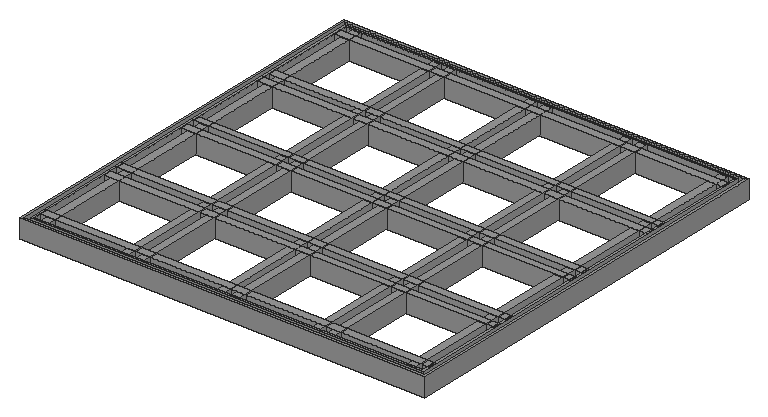
Revit family "CLD-WFD-004_RFA", category Modelos genéricos, Revit 2022 (continued)
Forms (in)
  Extrusion 209, solid, not visible
    sketch origin (0, 48, 0) x (0, 1, 0) y (0, 0, 1)
      loop
        line (0.42221, 1.66259) -> (0.42231, 0.67354)
        arc (0.42231, 0.67354) -> (0.41009, 0.64403) -> (0.38057, 0.6318) r 0.04174
        line (0.38057, 0.6318) -> (-0.00639, 0.6318) -> (-0.00639, 0.59057) -> (0.8874, 0.59057) -> (0.8874, 0.6318) -> (0.49998, 0.6318)
        arc (0.49998, 0.6318) -> (0.47046, 0.64403) -> (0.45824, 0.67354) r 0.04174
        line (0.45824, 0.67354) -> (0.45834, 1.66259)
        arc (0.45834, 1.66259) -> (0.46543, 1.67969) -> (0.48252, 1.68677) r 0.02418
        line (0.48252, 1.68677) -> (0.52252, 1.68677)
        arc (0.52252, 1.68677) -> (0.55303, 1.69941) -> (0.56566, 1.72991) r 0.04314
        line (0.56566, 1.72991) -> (0.56566, 2.14095)
        arc (0.56566, 2.14095) -> (0.5626, 2.15637) -> (0.55386, 2.16944) r 0.04029
        line (0.55386, 2.16944) -> (0.47053, 2.25277)
        arc (0.47053, 2.25277) -> (0.44027, 2.2653) -> (0.41002, 2.25277) r 0.04279
        line (0.41002, 2.25277) -> (0.32669, 2.16944)
        arc (0.32669, 2.16944) -> (0.31795, 2.15637) -> (0.31489, 2.14095) r 0.04029
        line (0.31489, 2.14095) -> (0.31489, 1.72991)
        arc (0.31489, 1.72991) -> (0.32752, 1.69941) -> (0.35803, 1.68677) r 0.04314
        line (0.35803, 1.68677) -> (0.39803, 1.68677)
        arc (0.39803, 1.68677) -> (0.41512, 1.67969) -> (0.42221, 1.66259) r 0.02418
      loop
        arc (0.33294, 1.7291) -> (0.34005, 1.71194) -> (0.35722, 1.70483) r 0.02428
        line (0.35722, 1.70483) -> (0.39815, 1.70483)
        arc (0.39815, 1.70483) -> (0.42797, 1.69248) -> (0.44023, 1.66266) r 0.04217
        arc (0.44023, 1.66266) -> (0.45258, 1.69248) -> (0.4824, 1.70483) r 0.04217
        line (0.4824, 1.70483) -> (0.52333, 1.70483)
        arc (0.52333, 1.70483) -> (0.54049, 1.71194) -> (0.54761, 1.7291) r 0.02428
        line (0.54761, 1.7291) -> (0.54761, 2.15016) -> (0.45704, 2.24072)
        arc (0.45704, 2.24072) -> (0.44027, 2.24767) -> (0.42351, 2.24072) r 0.02371
        line (0.42351, 2.24072) -> (0.33294, 2.15016) -> (0.33294, 1.7291)
    from 0 to 96.9361
  Extrusion 210, solid, not visible
    sketch origin (0, 72, 0) x (0, 1, 0) y (0, 0, 1)
      loop
        line (0.42221, 1.66259) -> (0.42231, 0.67354)
        arc (0.42231, 0.67354) -> (0.41009, 0.64403) -> (0.38057, 0.6318) r 0.04174
        line (0.38057, 0.6318) -> (-0.00639, 0.6318) -> (-0.00639, 0.59057) -> (0.8874, 0.59057) -> (0.8874, 0.6318) -> (0.49998, 0.6318)
        arc (0.49998, 0.6318) -> (0.47046, 0.64403) -> (0.45824, 0.67354) r 0.04174
        line (0.45824, 0.67354) -> (0.45834, 1.66259)
        arc (0.45834, 1.66259) -> (0.46543, 1.67969) -> (0.48252, 1.68677) r 0.02418
        line (0.48252, 1.68677) -> (0.52252, 1.68677)
        arc (0.52252, 1.68677) -> (0.55303, 1.69941) -> (0.56566, 1.72991) r 0.04314
        line (0.56566, 1.72991) -> (0.56566, 2.14095)
        arc (0.56566, 2.14095) -> (0.5626, 2.15637) -> (0.55386, 2.16944) r 0.04029
        line (0.55386, 2.16944) -> (0.47053, 2.25277)
        arc (0.47053, 2.25277) -> (0.44027, 2.2653) -> (0.41002, 2.25277) r 0.04279
        line (0.41002, 2.25277) -> (0.32669, 2.16944)
        arc (0.32669, 2.16944) -> (0.31795, 2.15637) -> (0.31489, 2.14095) r 0.04029
        line (0.31489, 2.14095) -> (0.31489, 1.72991)
        arc (0.31489, 1.72991) -> (0.32752, 1.69941) -> (0.35803, 1.68677) r 0.04314
        line (0.35803, 1.68677) -> (0.39803, 1.68677)
        arc (0.39803, 1.68677) -> (0.41512, 1.67969) -> (0.42221, 1.66259) r 0.02418
      loop
        arc (0.33294, 1.7291) -> (0.34005, 1.71194) -> (0.35722, 1.70483) r 0.02428
        line (0.35722, 1.70483) -> (0.39815, 1.70483)
        arc (0.39815, 1.70483) -> (0.42797, 1.69248) -> (0.44023, 1.66266) r 0.04217
        arc (0.44023, 1.66266) -> (0.45258, 1.69248) -> (0.4824, 1.70483) r 0.04217
        line (0.4824, 1.70483) -> (0.52333, 1.70483)
        arc (0.52333, 1.70483) -> (0.54049, 1.71194) -> (0.54761, 1.7291) r 0.02428
        line (0.54761, 1.7291) -> (0.54761, 2.15016) -> (0.45704, 2.24072)
        arc (0.45704, 2.24072) -> (0.44027, 2.24767) -> (0.42351, 2.24072) r 0.02371
        line (0.42351, 2.24072) -> (0.33294, 2.15016) -> (0.33294, 1.7291)
    from 0 to 96.9361
  Extrusion 211, solid, not visible
    sketch origin (0, 96, 0) x (0, 1, 0) y (0, 0, 1)
      loop
        line (0.42221, 1.66259) -> (0.42231, 0.67354)
        arc (0.42231, 0.67354) -> (0.41009, 0.64403) -> (0.38057, 0.6318) r 0.04174
        line (0.38057, 0.6318) -> (-0.00639, 0.6318) -> (-0.00639, 0.59057) -> (0.8874, 0.59057) -> (0.8874, 0.6318) -> (0.49998, 0.6318)
        arc (0.49998, 0.6318) -> (0.47046, 0.64403) -> (0.45824, 0.67354) r 0.04174
        line (0.45824, 0.67354) -> (0.45834, 1.66259)
        arc (0.45834, 1.66259) -> (0.46543, 1.67969) -> (0.48252, 1.68677) r 0.02418
        line (0.48252, 1.68677) -> (0.52252, 1.68677)
        arc (0.52252, 1.68677) -> (0.55303, 1.69941) -> (0.56566, 1.72991) r 0.04314
        line (0.56566, 1.72991) -> (0.56566, 2.14095)
        arc (0.56566, 2.14095) -> (0.5626, 2.15637) -> (0.55386, 2.16944) r 0.04029
        line (0.55386, 2.16944) -> (0.47053, 2.25277)
        arc (0.47053, 2.25277) -> (0.44027, 2.2653) -> (0.41002, 2.25277) r 0.04279
        line (0.41002, 2.25277) -> (0.32669, 2.16944)
        arc (0.32669, 2.16944) -> (0.31795, 2.15637) -> (0.31489, 2.14095) r 0.04029
        line (0.31489, 2.14095) -> (0.31489, 1.72991)
        arc (0.31489, 1.72991) -> (0.32752, 1.69941) -> (0.35803, 1.68677) r 0.04314
        line (0.35803, 1.68677) -> (0.39803, 1.68677)
        arc (0.39803, 1.68677) -> (0.41512, 1.67969) -> (0.42221, 1.66259) r 0.02418
      loop
        arc (0.33294, 1.7291) -> (0.34005, 1.71194) -> (0.35722, 1.70483) r 0.02428
        line (0.35722, 1.70483) -> (0.39815, 1.70483)
        arc (0.39815, 1.70483) -> (0.42797, 1.69248) -> (0.44023, 1.66266) r 0.04217
        arc (0.44023, 1.66266) -> (0.45258, 1.69248) -> (0.4824, 1.70483) r 0.04217
        line (0.4824, 1.70483) -> (0.52333, 1.70483)
        arc (0.52333, 1.70483) -> (0.54049, 1.71194) -> (0.54761, 1.7291) r 0.02428
        line (0.54761, 1.7291) -> (0.54761, 2.15016) -> (0.45704, 2.24072)
        arc (0.45704, 2.24072) -> (0.44027, 2.24767) -> (0.42351, 2.24072) r 0.02371
        line (0.42351, 2.24072) -> (0.33294, 2.15016) -> (0.33294, 1.7291)
    from 0 to 96.9361
  Extrusion 212, solid, not visible
    sketch origin (48.02754, 154.90856, 0) x (1, 0, 0) y (0, 0, 1)
      loop
        line (0.42221, 1.66259) -> (0.42231, 0.67354)
        arc (0.42231, 0.67354) -> (0.41009, 0.64403) -> (0.38057, 0.6318) r 0.04174
        line (0.38057, 0.6318) -> (-0.00639, 0.6318) -> (-0.00639, 0.59057) -> (0.8874, 0.59057) -> (0.8874, 0.6318) -> (0.49998, 0.6318)
        arc (0.49998, 0.6318) -> (0.47046, 0.64403) -> (0.45824, 0.67354) r 0.04174
        line (0.45824, 0.67354) -> (0.45834, 1.66259)
        arc (0.45834, 1.66259) -> (0.46543, 1.67969) -> (0.48252, 1.68677) r 0.02418
        line (0.48252, 1.68677) -> (0.52252, 1.68677)
        arc (0.52252, 1.68677) -> (0.55303, 1.69941) -> (0.56566, 1.72991) r 0.04314
        line (0.56566, 1.72991) -> (0.56566, 2.14095)
        arc (0.56566, 2.14095) -> (0.5626, 2.15637) -> (0.55386, 2.16944) r 0.04029
        line (0.55386, 2.16944) -> (0.47053, 2.25277)
        arc (0.47053, 2.25277) -> (0.44027, 2.2653) -> (0.41002, 2.25277) r 0.04279
        line (0.41002, 2.25277) -> (0.32669, 2.16944)
        arc (0.32669, 2.16944) -> (0.31795, 2.15637) -> (0.31489, 2.14095) r 0.04029
        line (0.31489, 2.14095) -> (0.31489, 1.72991)
        arc (0.31489, 1.72991) -> (0.32752, 1.69941) -> (0.35803, 1.68677) r 0.04314
        line (0.35803, 1.68677) -> (0.39803, 1.68677)
        arc (0.39803, 1.68677) -> (0.41512, 1.67969) -> (0.42221, 1.66259) r 0.02418
      loop
        arc (0.33294, 1.7291) -> (0.34005, 1.71194) -> (0.35722, 1.70483) r 0.02428
        line (0.35722, 1.70483) -> (0.39815, 1.70483)
        arc (0.39815, 1.70483) -> (0.42797, 1.69248) -> (0.44023, 1.66266) r 0.04217
        arc (0.44023, 1.66266) -> (0.45258, 1.69248) -> (0.4824, 1.70483) r 0.04217
        line (0.4824, 1.70483) -> (0.52333, 1.70483)
        arc (0.52333, 1.70483) -> (0.54049, 1.71194) -> (0.54761, 1.7291) r 0.02428
        line (0.54761, 1.7291) -> (0.54761, 2.15016) -> (0.45704, 2.24072)
        arc (0.45704, 2.24072) -> (0.44027, 2.24767) -> (0.42351, 2.24072) r 0.02371
        line (0.42351, 2.24072) -> (0.33294, 2.15016) -> (0.33294, 1.7291)
    from 58.93614 to 81.99864
  Extrusion 213, solid, not visible
    sketch origin (72.02767, 154.90856, 0) x (1, 0, 0) y (0, 0, 1)
      loop
        line (0.42221, 1.66259) -> (0.42231, 0.67354)
        arc (0.42231, 0.67354) -> (0.41009, 0.64403) -> (0.38057, 0.6318) r 0.04174
        line (0.38057, 0.6318) -> (-0.00639, 0.6318) -> (-0.00639, 0.59057) -> (0.8874, 0.59057) -> (0.8874, 0.6318) -> (0.49998, 0.6318)
        arc (0.49998, 0.6318) -> (0.47046, 0.64403) -> (0.45824, 0.67354) r 0.04174
        line (0.45824, 0.67354) -> (0.45834, 1.66259)
        arc (0.45834, 1.66259) -> (0.46543, 1.67969) -> (0.48252, 1.68677) r 0.02418
        line (0.48252, 1.68677) -> (0.52252, 1.68677)
        arc (0.52252, 1.68677) -> (0.55303, 1.69941) -> (0.56566, 1.72991) r 0.04314
        line (0.56566, 1.72991) -> (0.56566, 2.14095)
        arc (0.56566, 2.14095) -> (0.5626, 2.15637) -> (0.55386, 2.16944) r 0.04029
        line (0.55386, 2.16944) -> (0.47053, 2.25277)
        arc (0.47053, 2.25277) -> (0.44027, 2.2653) -> (0.41002, 2.25277) r 0.04279
        line (0.41002, 2.25277) -> (0.32669, 2.16944)
        arc (0.32669, 2.16944) -> (0.31795, 2.15637) -> (0.31489, 2.14095) r 0.04029
        line (0.31489, 2.14095) -> (0.31489, 1.72991)
        arc (0.31489, 1.72991) -> (0.32752, 1.69941) -> (0.35803, 1.68677) r 0.04314
        line (0.35803, 1.68677) -> (0.39803, 1.68677)
        arc (0.39803, 1.68677) -> (0.41512, 1.67969) -> (0.42221, 1.66259) r 0.02418
      loop
        arc (0.33294, 1.7291) -> (0.34005, 1.71194) -> (0.35722, 1.70483) r 0.02428
        line (0.35722, 1.70483) -> (0.39815, 1.70483)
        arc (0.39815, 1.70483) -> (0.42797, 1.69248) -> (0.44023, 1.66266) r 0.04217
        arc (0.44023, 1.66266) -> (0.45258, 1.69248) -> (0.4824, 1.70483) r 0.04217
        line (0.4824, 1.70483) -> (0.52333, 1.70483)
        arc (0.52333, 1.70483) -> (0.54049, 1.71194) -> (0.54761, 1.7291) r 0.02428
        line (0.54761, 1.7291) -> (0.54761, 2.15016) -> (0.45704, 2.24072)
        arc (0.45704, 2.24072) -> (0.44027, 2.24767) -> (0.42351, 2.24072) r 0.02371
        line (0.42351, 2.24072) -> (0.33294, 2.15016) -> (0.33294, 1.7291)
    from 58.93614 to 81.99864
  Extrusion 214, solid, not visible
    sketch origin (96.02767, 154.90856, 0) x (1, 0, 0) y (0, 0, 1)
      loop
        line (0.42221, 1.66259) -> (0.42231, 0.67354)
        arc (0.42231, 0.67354) -> (0.41009, 0.64403) -> (0.38057, 0.6318) r 0.04174
        line (0.38057, 0.6318) -> (-0.00639, 0.6318) -> (-0.00639, 0.59057) -> (0.8874, 0.59057) -> (0.8874, 0.6318) -> (0.49998, 0.6318)
        arc (0.49998, 0.6318) -> (0.47046, 0.64403) -> (0.45824, 0.67354) r 0.04174
        line (0.45824, 0.67354) -> (0.45834, 1.66259)
        arc (0.45834, 1.66259) -> (0.46543, 1.67969) -> (0.48252, 1.68677) r 0.02418
        line (0.48252, 1.68677) -> (0.52252, 1.68677)
        arc (0.52252, 1.68677) -> (0.55303, 1.69941) -> (0.56566, 1.72991) r 0.04314
        line (0.56566, 1.72991) -> (0.56566, 2.14095)
        arc (0.56566, 2.14095) -> (0.5626, 2.15637) -> (0.55386, 2.16944) r 0.04029
        line (0.55386, 2.16944) -> (0.47053, 2.25277)
        arc (0.47053, 2.25277) -> (0.44027, 2.2653) -> (0.41002, 2.25277) r 0.04279
        line (0.41002, 2.25277) -> (0.32669, 2.16944)
        arc (0.32669, 2.16944) -> (0.31795, 2.15637) -> (0.31489, 2.14095) r 0.04029
        line (0.31489, 2.14095) -> (0.31489, 1.72991)
        arc (0.31489, 1.72991) -> (0.32752, 1.69941) -> (0.35803, 1.68677) r 0.04314
        line (0.35803, 1.68677) -> (0.39803, 1.68677)
        arc (0.39803, 1.68677) -> (0.41512, 1.67969) -> (0.42221, 1.66259) r 0.02418
      loop
        arc (0.33294, 1.7291) -> (0.34005, 1.71194) -> (0.35722, 1.70483) r 0.02428
        line (0.35722, 1.70483) -> (0.39815, 1.70483)
        arc (0.39815, 1.70483) -> (0.42797, 1.69248) -> (0.44023, 1.66266) r 0.04217
        arc (0.44023, 1.66266) -> (0.45258, 1.69248) -> (0.4824, 1.70483) r 0.04217
        line (0.4824, 1.70483) -> (0.52333, 1.70483)
        arc (0.52333, 1.70483) -> (0.54049, 1.71194) -> (0.54761, 1.7291) r 0.02428
        line (0.54761, 1.7291) -> (0.54761, 2.15016) -> (0.45704, 2.24072)
        arc (0.45704, 2.24072) -> (0.44027, 2.24767) -> (0.42351, 2.24072) r 0.02371
        line (0.42351, 2.24072) -> (0.33294, 2.15016) -> (0.33294, 1.7291)
    from 58.93614 to 81.99864
  Extrusion 215, solid, not visible
    sketch origin (24.02767, 154.90856, 0) x (1, 0, 0) y (0, 0, 1)
      loop
        line (0.42221, 1.66259) -> (0.42231, 0.67354)
        arc (0.42231, 0.67354) -> (0.41009, 0.64403) -> (0.38057, 0.6318) r 0.04174
        line (0.38057, 0.6318) -> (-0.00639, 0.6318) -> (-0.00639, 0.59057) -> (0.8874, 0.59057) -> (0.8874, 0.6318) -> (0.49998, 0.6318)
        arc (0.49998, 0.6318) -> (0.47046, 0.64403) -> (0.45824, 0.67354) r 0.04174
        line (0.45824, 0.67354) -> (0.45834, 1.66259)
        arc (0.45834, 1.66259) -> (0.46543, 1.67969) -> (0.48252, 1.68677) r 0.02418
        line (0.48252, 1.68677) -> (0.52252, 1.68677)
        arc (0.52252, 1.68677) -> (0.55303, 1.69941) -> (0.56566, 1.72991) r 0.04314
        line (0.56566, 1.72991) -> (0.56566, 2.14095)
        arc (0.56566, 2.14095) -> (0.5626, 2.15637) -> (0.55386, 2.16944) r 0.04029
        line (0.55386, 2.16944) -> (0.47053, 2.25277)
        arc (0.47053, 2.25277) -> (0.44027, 2.2653) -> (0.41002, 2.25277) r 0.04279
        line (0.41002, 2.25277) -> (0.32669, 2.16944)
        arc (0.32669, 2.16944) -> (0.31795, 2.15637) -> (0.31489, 2.14095) r 0.04029
        line (0.31489, 2.14095) -> (0.31489, 1.72991)
        arc (0.31489, 1.72991) -> (0.32752, 1.69941) -> (0.35803, 1.68677) r 0.04314
        line (0.35803, 1.68677) -> (0.39803, 1.68677)
        arc (0.39803, 1.68677) -> (0.41512, 1.67969) -> (0.42221, 1.66259) r 0.02418
      loop
        arc (0.33294, 1.7291) -> (0.34005, 1.71194) -> (0.35722, 1.70483) r 0.02428
        line (0.35722, 1.70483) -> (0.39815, 1.70483)
        arc (0.39815, 1.70483) -> (0.42797, 1.69248) -> (0.44023, 1.66266) r 0.04217
        arc (0.44023, 1.66266) -> (0.45258, 1.69248) -> (0.4824, 1.70483) r 0.04217
        line (0.4824, 1.70483) -> (0.52333, 1.70483)
        arc (0.52333, 1.70483) -> (0.54049, 1.71194) -> (0.54761, 1.7291) r 0.02428
        line (0.54761, 1.7291) -> (0.54761, 2.15016) -> (0.45704, 2.24072)
        arc (0.45704, 2.24072) -> (0.44027, 2.24767) -> (0.42351, 2.24072) r 0.02371
        line (0.42351, 2.24072) -> (0.33294, 2.15016) -> (0.33294, 1.7291)
    from 58.93614 to 81.99864
  Extrusion 216, solid, not visible
    sketch origin (0.02767, 154.90856, 0) x (1, 0, 0) y (0, 0, 1)
      loop
        line (0.42221, 1.66259) -> (0.42231, 0.67354)
        arc (0.42231, 0.67354) -> (0.41009, 0.64403) -> (0.38057, 0.6318) r 0.04174
        line (0.38057, 0.6318) -> (-0.00639, 0.6318) -> (-0.00639, 0.59057) -> (0.8874, 0.59057) -> (0.8874, 0.6318) -> (0.49998, 0.6318)
        arc (0.49998, 0.6318) -> (0.47046, 0.64403) -> (0.45824, 0.67354) r 0.04174
        line (0.45824, 0.67354) -> (0.45834, 1.66259)
        arc (0.45834, 1.66259) -> (0.46543, 1.67969) -> (0.48252, 1.68677) r 0.02418
        line (0.48252, 1.68677) -> (0.52252, 1.68677)
        arc (0.52252, 1.68677) -> (0.55303, 1.69941) -> (0.56566, 1.72991) r 0.04314
        line (0.56566, 1.72991) -> (0.56566, 2.14095)
        arc (0.56566, 2.14095) -> (0.5626, 2.15637) -> (0.55386, 2.16944) r 0.04029
        line (0.55386, 2.16944) -> (0.47053, 2.25277)
        arc (0.47053, 2.25277) -> (0.44027, 2.2653) -> (0.41002, 2.25277) r 0.04279
        line (0.41002, 2.25277) -> (0.32669, 2.16944)
        arc (0.32669, 2.16944) -> (0.31795, 2.15637) -> (0.31489, 2.14095) r 0.04029
        line (0.31489, 2.14095) -> (0.31489, 1.72991)
        arc (0.31489, 1.72991) -> (0.32752, 1.69941) -> (0.35803, 1.68677) r 0.04314
        line (0.35803, 1.68677) -> (0.39803, 1.68677)
        arc (0.39803, 1.68677) -> (0.41512, 1.67969) -> (0.42221, 1.66259) r 0.02418
      loop
        arc (0.33294, 1.7291) -> (0.34005, 1.71194) -> (0.35722, 1.70483) r 0.02428
        line (0.35722, 1.70483) -> (0.39815, 1.70483)
        arc (0.39815, 1.70483) -> (0.42797, 1.69248) -> (0.44023, 1.66266) r 0.04217
        arc (0.44023, 1.66266) -> (0.45258, 1.69248) -> (0.4824, 1.70483) r 0.04217
        line (0.4824, 1.70483) -> (0.52333, 1.70483)
        arc (0.52333, 1.70483) -> (0.54049, 1.71194) -> (0.54761, 1.7291) r 0.02428
        line (0.54761, 1.7291) -> (0.54761, 2.15016) -> (0.45704, 2.24072)
        arc (0.45704, 2.24072) -> (0.44027, 2.24767) -> (0.42351, 2.24072) r 0.02371
        line (0.42351, 2.24072) -> (0.33294, 2.15016) -> (0.33294, 1.7291)
    from 58.93614 to 81.99864
  Extrusion 217, solid, not visible
    sketch origin (48.02754, 130.90855, 0) x (1, 0, 0) y (0, 0, 1)
      loop
        line (0.42221, 1.66259) -> (0.42231, 0.67354)
        arc (0.42231, 0.67354) -> (0.41009, 0.64403) -> (0.38057, 0.6318) r 0.04174
        line (0.38057, 0.6318) -> (-0.00639, 0.6318) -> (-0.00639, 0.59057) -> (0.8874, 0.59057) -> (0.8874, 0.6318) -> (0.49998, 0.6318)
        arc (0.49998, 0.6318) -> (0.47046, 0.64403) -> (0.45824, 0.67354) r 0.04174
        line (0.45824, 0.67354) -> (0.45834, 1.66259)
        arc (0.45834, 1.66259) -> (0.46543, 1.67969) -> (0.48252, 1.68677) r 0.02418
        line (0.48252, 1.68677) -> (0.52252, 1.68677)
        arc (0.52252, 1.68677) -> (0.55303, 1.69941) -> (0.56566, 1.72991) r 0.04314
        line (0.56566, 1.72991) -> (0.56566, 2.14095)
        arc (0.56566, 2.14095) -> (0.5626, 2.15637) -> (0.55386, 2.16944) r 0.04029
        line (0.55386, 2.16944) -> (0.47053, 2.25277)
        arc (0.47053, 2.25277) -> (0.44027, 2.2653) -> (0.41002, 2.25277) r 0.04279
        line (0.41002, 2.25277) -> (0.32669, 2.16944)
        arc (0.32669, 2.16944) -> (0.31795, 2.15637) -> (0.31489, 2.14095) r 0.04029
        line (0.31489, 2.14095) -> (0.31489, 1.72991)
        arc (0.31489, 1.72991) -> (0.32752, 1.69941) -> (0.35803, 1.68677) r 0.04314
        line (0.35803, 1.68677) -> (0.39803, 1.68677)
        arc (0.39803, 1.68677) -> (0.41512, 1.67969) -> (0.42221, 1.66259) r 0.02418
      loop
        arc (0.33294, 1.7291) -> (0.34005, 1.71194) -> (0.35722, 1.70483) r 0.02428
        line (0.35722, 1.70483) -> (0.39815, 1.70483)
        arc (0.39815, 1.70483) -> (0.42797, 1.69248) -> (0.44023, 1.66266) r 0.04217
        arc (0.44023, 1.66266) -> (0.45258, 1.69248) -> (0.4824, 1.70483) r 0.04217
        line (0.4824, 1.70483) -> (0.52333, 1.70483)
        arc (0.52333, 1.70483) -> (0.54049, 1.71194) -> (0.54761, 1.7291) r 0.02428
        line (0.54761, 1.7291) -> (0.54761, 2.15016) -> (0.45704, 2.24072)
        arc (0.45704, 2.24072) -> (0.44027, 2.24767) -> (0.42351, 2.24072) r 0.02371
        line (0.42351, 2.24072) -> (0.33294, 2.15016) -> (0.33294, 1.7291)
    from 58.93614 to 81.99864
  Extrusion 218, solid, not visible
    sketch origin (72.02767, 130.90855, 0) x (1, 0, 0) y (0, 0, 1)
      loop
        line (0.42221, 1.66259) -> (0.42231, 0.67354)
        arc (0.42231, 0.67354) -> (0.41009, 0.64403) -> (0.38057, 0.6318) r 0.04174
        line (0.38057, 0.6318) -> (-0.00639, 0.6318) -> (-0.00639, 0.59057) -> (0.8874, 0.59057) -> (0.8874, 0.6318) -> (0.49998, 0.6318)
        arc (0.49998, 0.6318) -> (0.47046, 0.64403) -> (0.45824, 0.67354) r 0.04174
        line (0.45824, 0.67354) -> (0.45834, 1.66259)
        arc (0.45834, 1.66259) -> (0.46543, 1.67969) -> (0.48252, 1.68677) r 0.02418
        line (0.48252, 1.68677) -> (0.52252, 1.68677)
        arc (0.52252, 1.68677) -> (0.55303, 1.69941) -> (0.56566, 1.72991) r 0.04314
        line (0.56566, 1.72991) -> (0.56566, 2.14095)
        arc (0.56566, 2.14095) -> (0.5626, 2.15637) -> (0.55386, 2.16944) r 0.04029
        line (0.55386, 2.16944) -> (0.47053, 2.25277)
        arc (0.47053, 2.25277) -> (0.44027, 2.2653) -> (0.41002, 2.25277) r 0.04279
        line (0.41002, 2.25277) -> (0.32669, 2.16944)
        arc (0.32669, 2.16944) -> (0.31795, 2.15637) -> (0.31489, 2.14095) r 0.04029
        line (0.31489, 2.14095) -> (0.31489, 1.72991)
        arc (0.31489, 1.72991) -> (0.32752, 1.69941) -> (0.35803, 1.68677) r 0.04314
        line (0.35803, 1.68677) -> (0.39803, 1.68677)
        arc (0.39803, 1.68677) -> (0.41512, 1.67969) -> (0.42221, 1.66259) r 0.02418
      loop
        arc (0.33294, 1.7291) -> (0.34005, 1.71194) -> (0.35722, 1.70483) r 0.02428
        line (0.35722, 1.70483) -> (0.39815, 1.70483)
        arc (0.39815, 1.70483) -> (0.42797, 1.69248) -> (0.44023, 1.66266) r 0.04217
        arc (0.44023, 1.66266) -> (0.45258, 1.69248) -> (0.4824, 1.70483) r 0.04217
        line (0.4824, 1.70483) -> (0.52333, 1.70483)
        arc (0.52333, 1.70483) -> (0.54049, 1.71194) -> (0.54761, 1.7291) r 0.02428
        line (0.54761, 1.7291) -> (0.54761, 2.15016) -> (0.45704, 2.24072)
        arc (0.45704, 2.24072) -> (0.44027, 2.24767) -> (0.42351, 2.24072) r 0.02371
        line (0.42351, 2.24072) -> (0.33294, 2.15016) -> (0.33294, 1.7291)
    from 58.93614 to 81.99864
  Extrusion 219, solid, not visible
    sketch origin (96.02767, 130.90855, 0) x (1, 0, 0) y (0, 0, 1)
      loop
        line (0.42221, 1.66259) -> (0.42231, 0.67354)
        arc (0.42231, 0.67354) -> (0.41009, 0.64403) -> (0.38057, 0.6318) r 0.04174
        line (0.38057, 0.6318) -> (-0.00639, 0.6318) -> (-0.00639, 0.59057) -> (0.8874, 0.59057) -> (0.8874, 0.6318) -> (0.49998, 0.6318)
        arc (0.49998, 0.6318) -> (0.47046, 0.64403) -> (0.45824, 0.67354) r 0.04174
        line (0.45824, 0.67354) -> (0.45834, 1.66259)
        arc (0.45834, 1.66259) -> (0.46543, 1.67969) -> (0.48252, 1.68677) r 0.02418
        line (0.48252, 1.68677) -> (0.52252, 1.68677)
        arc (0.52252, 1.68677) -> (0.55303, 1.69941) -> (0.56566, 1.72991) r 0.04314
        line (0.56566, 1.72991) -> (0.56566, 2.14095)
        arc (0.56566, 2.14095) -> (0.5626, 2.15637) -> (0.55386, 2.16944) r 0.04029
        line (0.55386, 2.16944) -> (0.47053, 2.25277)
        arc (0.47053, 2.25277) -> (0.44027, 2.2653) -> (0.41002, 2.25277) r 0.04279
        line (0.41002, 2.25277) -> (0.32669, 2.16944)
        arc (0.32669, 2.16944) -> (0.31795, 2.15637) -> (0.31489, 2.14095) r 0.04029
        line (0.31489, 2.14095) -> (0.31489, 1.72991)
        arc (0.31489, 1.72991) -> (0.32752, 1.69941) -> (0.35803, 1.68677) r 0.04314
        line (0.35803, 1.68677) -> (0.39803, 1.68677)
        arc (0.39803, 1.68677) -> (0.41512, 1.67969) -> (0.42221, 1.66259) r 0.02418
      loop
        arc (0.33294, 1.7291) -> (0.34005, 1.71194) -> (0.35722, 1.70483) r 0.02428
        line (0.35722, 1.70483) -> (0.39815, 1.70483)
        arc (0.39815, 1.70483) -> (0.42797, 1.69248) -> (0.44023, 1.66266) r 0.04217
        arc (0.44023, 1.66266) -> (0.45258, 1.69248) -> (0.4824, 1.70483) r 0.04217
        line (0.4824, 1.70483) -> (0.52333, 1.70483)
        arc (0.52333, 1.70483) -> (0.54049, 1.71194) -> (0.54761, 1.7291) r 0.02428
        line (0.54761, 1.7291) -> (0.54761, 2.15016) -> (0.45704, 2.24072)
        arc (0.45704, 2.24072) -> (0.44027, 2.24767) -> (0.42351, 2.24072) r 0.02371
        line (0.42351, 2.24072) -> (0.33294, 2.15016) -> (0.33294, 1.7291)
    from 58.93614 to 81.99864
  Extrusion 220, solid, not visible
    sketch origin (24.02767, 130.90855, 0) x (1, 0, 0) y (0, 0, 1)
      loop
        line (0.42221, 1.66259) -> (0.42231, 0.67354)
        arc (0.42231, 0.67354) -> (0.41009, 0.64403) -> (0.38057, 0.6318) r 0.04174
        line (0.38057, 0.6318) -> (-0.00639, 0.6318) -> (-0.00639, 0.59057) -> (0.8874, 0.59057) -> (0.8874, 0.6318) -> (0.49998, 0.6318)
        arc (0.49998, 0.6318) -> (0.47046, 0.64403) -> (0.45824, 0.67354) r 0.04174
        line (0.45824, 0.67354) -> (0.45834, 1.66259)
        arc (0.45834, 1.66259) -> (0.46543, 1.67969) -> (0.48252, 1.68677) r 0.02418
        line (0.48252, 1.68677) -> (0.52252, 1.68677)
        arc (0.52252, 1.68677) -> (0.55303, 1.69941) -> (0.56566, 1.72991) r 0.04314
        line (0.56566, 1.72991) -> (0.56566, 2.14095)
        arc (0.56566, 2.14095) -> (0.5626, 2.15637) -> (0.55386, 2.16944) r 0.04029
        line (0.55386, 2.16944) -> (0.47053, 2.25277)
        arc (0.47053, 2.25277) -> (0.44027, 2.2653) -> (0.41002, 2.25277) r 0.04279
        line (0.41002, 2.25277) -> (0.32669, 2.16944)
        arc (0.32669, 2.16944) -> (0.31795, 2.15637) -> (0.31489, 2.14095) r 0.04029
        line (0.31489, 2.14095) -> (0.31489, 1.72991)
        arc (0.31489, 1.72991) -> (0.32752, 1.69941) -> (0.35803, 1.68677) r 0.04314
        line (0.35803, 1.68677) -> (0.39803, 1.68677)
        arc (0.39803, 1.68677) -> (0.41512, 1.67969) -> (0.42221, 1.66259) r 0.02418
      loop
        arc (0.33294, 1.7291) -> (0.34005, 1.71194) -> (0.35722, 1.70483) r 0.02428
        line (0.35722, 1.70483) -> (0.39815, 1.70483)
        arc (0.39815, 1.70483) -> (0.42797, 1.69248) -> (0.44023, 1.66266) r 0.04217
        arc (0.44023, 1.66266) -> (0.45258, 1.69248) -> (0.4824, 1.70483) r 0.04217
        line (0.4824, 1.70483) -> (0.52333, 1.70483)
        arc (0.52333, 1.70483) -> (0.54049, 1.71194) -> (0.54761, 1.7291) r 0.02428
        line (0.54761, 1.7291) -> (0.54761, 2.15016) -> (0.45704, 2.24072)
        arc (0.45704, 2.24072) -> (0.44027, 2.24767) -> (0.42351, 2.24072) r 0.02371
        line (0.42351, 2.24072) -> (0.33294, 2.15016) -> (0.33294, 1.7291)
    from 58.93614 to 81.99864
  Extrusion 221, solid, not visible
    sketch origin (0.02767, 130.90855, 0) x (1, 0, 0) y (0, 0, 1)
      loop
        line (0.42221, 1.66259) -> (0.42231, 0.67354)
        arc (0.42231, 0.67354) -> (0.41009, 0.64403) -> (0.38057, 0.6318) r 0.04174
        line (0.38057, 0.6318) -> (-0.00639, 0.6318) -> (-0.00639, 0.59057) -> (0.8874, 0.59057) -> (0.8874, 0.6318) -> (0.49998, 0.6318)
        arc (0.49998, 0.6318) -> (0.47046, 0.64403) -> (0.45824, 0.67354) r 0.04174
        line (0.45824, 0.67354) -> (0.45834, 1.66259)
        arc (0.45834, 1.66259) -> (0.46543, 1.67969) -> (0.48252, 1.68677) r 0.02418
        line (0.48252, 1.68677) -> (0.52252, 1.68677)
        arc (0.52252, 1.68677) -> (0.55303, 1.69941) -> (0.56566, 1.72991) r 0.04314
        line (0.56566, 1.72991) -> (0.56566, 2.14095)
        arc (0.56566, 2.14095) -> (0.5626, 2.15637) -> (0.55386, 2.16944) r 0.04029
        line (0.55386, 2.16944) -> (0.47053, 2.25277)
        arc (0.47053, 2.25277) -> (0.44027, 2.2653) -> (0.41002, 2.25277) r 0.04279
        line (0.41002, 2.25277) -> (0.32669, 2.16944)
        arc (0.32669, 2.16944) -> (0.31795, 2.15637) -> (0.31489, 2.14095) r 0.04029
        line (0.31489, 2.14095) -> (0.31489, 1.72991)
        arc (0.31489, 1.72991) -> (0.32752, 1.69941) -> (0.35803, 1.68677) r 0.04314
        line (0.35803, 1.68677) -> (0.39803, 1.68677)
        arc (0.39803, 1.68677) -> (0.41512, 1.67969) -> (0.42221, 1.66259) r 0.02418
      loop
        arc (0.33294, 1.7291) -> (0.34005, 1.71194) -> (0.35722, 1.70483) r 0.02428
        line (0.35722, 1.70483) -> (0.39815, 1.70483)
        arc (0.39815, 1.70483) -> (0.42797, 1.69248) -> (0.44023, 1.66266) r 0.04217
        arc (0.44023, 1.66266) -> (0.45258, 1.69248) -> (0.4824, 1.70483) r 0.04217
        line (0.4824, 1.70483) -> (0.52333, 1.70483)
        arc (0.52333, 1.70483) -> (0.54049, 1.71194) -> (0.54761, 1.7291) r 0.02428
        line (0.54761, 1.7291) -> (0.54761, 2.15016) -> (0.45704, 2.24072)
        arc (0.45704, 2.24072) -> (0.44027, 2.24767) -> (0.42351, 2.24072) r 0.02371
        line (0.42351, 2.24072) -> (0.33294, 2.15016) -> (0.33294, 1.7291)
    from 58.93614 to 81.99864
  Extrusion 222, solid, not visible
    sketch origin (48.02754, 106.90856, 0) x (1, 0, 0) y (0, 0, 1)
      loop
        line (0.42221, 1.66259) -> (0.42231, 0.67354)
        arc (0.42231, 0.67354) -> (0.41009, 0.64403) -> (0.38057, 0.6318) r 0.04174
        line (0.38057, 0.6318) -> (-0.00639, 0.6318) -> (-0.00639, 0.59057) -> (0.8874, 0.59057) -> (0.8874, 0.6318) -> (0.49998, 0.6318)
        arc (0.49998, 0.6318) -> (0.47046, 0.64403) -> (0.45824, 0.67354) r 0.04174
        line (0.45824, 0.67354) -> (0.45834, 1.66259)
        arc (0.45834, 1.66259) -> (0.46543, 1.67969) -> (0.48252, 1.68677) r 0.02418
        line (0.48252, 1.68677) -> (0.52252, 1.68677)
        arc (0.52252, 1.68677) -> (0.55303, 1.69941) -> (0.56566, 1.72991) r 0.04314
        line (0.56566, 1.72991) -> (0.56566, 2.14095)
        arc (0.56566, 2.14095) -> (0.5626, 2.15637) -> (0.55386, 2.16944) r 0.04029
        line (0.55386, 2.16944) -> (0.47053, 2.25277)
        arc (0.47053, 2.25277) -> (0.44027, 2.2653) -> (0.41002, 2.25277) r 0.04279
        line (0.41002, 2.25277) -> (0.32669, 2.16944)
        arc (0.32669, 2.16944) -> (0.31795, 2.15637) -> (0.31489, 2.14095) r 0.04029
        line (0.31489, 2.14095) -> (0.31489, 1.72991)
        arc (0.31489, 1.72991) -> (0.32752, 1.69941) -> (0.35803, 1.68677) r 0.04314
        line (0.35803, 1.68677) -> (0.39803, 1.68677)
        arc (0.39803, 1.68677) -> (0.41512, 1.67969) -> (0.42221, 1.66259) r 0.02418
      loop
        arc (0.33294, 1.7291) -> (0.34005, 1.71194) -> (0.35722, 1.70483) r 0.02428
        line (0.35722, 1.70483) -> (0.39815, 1.70483)
        arc (0.39815, 1.70483) -> (0.42797, 1.69248) -> (0.44023, 1.66266) r 0.04217
        arc (0.44023, 1.66266) -> (0.45258, 1.69248) -> (0.4824, 1.70483) r 0.04217
        line (0.4824, 1.70483) -> (0.52333, 1.70483)
        arc (0.52333, 1.70483) -> (0.54049, 1.71194) -> (0.54761, 1.7291) r 0.02428
        line (0.54761, 1.7291) -> (0.54761, 2.15016) -> (0.45704, 2.24072)
        arc (0.45704, 2.24072) -> (0.44027, 2.24767) -> (0.42351, 2.24072) r 0.02371
        line (0.42351, 2.24072) -> (0.33294, 2.15016) -> (0.33294, 1.7291)
    from 58.93614 to 81.99864
  Extrusion 223, solid, not visible
    sketch origin (72.02767, 106.90856, 0) x (1, 0, 0) y (0, 0, 1)
      loop
        line (0.42221, 1.66259) -> (0.42231, 0.67354)
        arc (0.42231, 0.67354) -> (0.41009, 0.64403) -> (0.38057, 0.6318) r 0.04174
        line (0.38057, 0.6318) -> (-0.00639, 0.6318) -> (-0.00639, 0.59057) -> (0.8874, 0.59057) -> (0.8874, 0.6318) -> (0.49998, 0.6318)
        arc (0.49998, 0.6318) -> (0.47046, 0.64403) -> (0.45824, 0.67354) r 0.04174
        line (0.45824, 0.67354) -> (0.45834, 1.66259)
        arc (0.45834, 1.66259) -> (0.46543, 1.67969) -> (0.48252, 1.68677) r 0.02418
        line (0.48252, 1.68677) -> (0.52252, 1.68677)
        arc (0.52252, 1.68677) -> (0.55303, 1.69941) -> (0.56566, 1.72991) r 0.04314
        line (0.56566, 1.72991) -> (0.56566, 2.14095)
        arc (0.56566, 2.14095) -> (0.5626, 2.15637) -> (0.55386, 2.16944) r 0.04029
        line (0.55386, 2.16944) -> (0.47053, 2.25277)
        arc (0.47053, 2.25277) -> (0.44027, 2.2653) -> (0.41002, 2.25277) r 0.04279
        line (0.41002, 2.25277) -> (0.32669, 2.16944)
        arc (0.32669, 2.16944) -> (0.31795, 2.15637) -> (0.31489, 2.14095) r 0.04029
        line (0.31489, 2.14095) -> (0.31489, 1.72991)
        arc (0.31489, 1.72991) -> (0.32752, 1.69941) -> (0.35803, 1.68677) r 0.04314
        line (0.35803, 1.68677) -> (0.39803, 1.68677)
        arc (0.39803, 1.68677) -> (0.41512, 1.67969) -> (0.42221, 1.66259) r 0.02418
      loop
        arc (0.33294, 1.7291) -> (0.34005, 1.71194) -> (0.35722, 1.70483) r 0.02428
        line (0.35722, 1.70483) -> (0.39815, 1.70483)
        arc (0.39815, 1.70483) -> (0.42797, 1.69248) -> (0.44023, 1.66266) r 0.04217
        arc (0.44023, 1.66266) -> (0.45258, 1.69248) -> (0.4824, 1.70483) r 0.04217
        line (0.4824, 1.70483) -> (0.52333, 1.70483)
        arc (0.52333, 1.70483) -> (0.54049, 1.71194) -> (0.54761, 1.7291) r 0.02428
        line (0.54761, 1.7291) -> (0.54761, 2.15016) -> (0.45704, 2.24072)
        arc (0.45704, 2.24072) -> (0.44027, 2.24767) -> (0.42351, 2.24072) r 0.02371
        line (0.42351, 2.24072) -> (0.33294, 2.15016) -> (0.33294, 1.7291)
    from 58.93614 to 81.99864
  Extrusion 224, solid, not visible
    sketch origin (96.02767, 106.90856, 0) x (1, 0, 0) y (0, 0, 1)
      loop
        line (0.42221, 1.66259) -> (0.42231, 0.67354)
        arc (0.42231, 0.67354) -> (0.41009, 0.64403) -> (0.38057, 0.6318) r 0.04174
        line (0.38057, 0.6318) -> (-0.00639, 0.6318) -> (-0.00639, 0.59057) -> (0.8874, 0.59057) -> (0.8874, 0.6318) -> (0.49998, 0.6318)
        arc (0.49998, 0.6318) -> (0.47046, 0.64403) -> (0.45824, 0.67354) r 0.04174
        line (0.45824, 0.67354) -> (0.45834, 1.66259)
        arc (0.45834, 1.66259) -> (0.46543, 1.67969) -> (0.48252, 1.68677) r 0.02418
        line (0.48252, 1.68677) -> (0.52252, 1.68677)
        arc (0.52252, 1.68677) -> (0.55303, 1.69941) -> (0.56566, 1.72991) r 0.04314
        line (0.56566, 1.72991) -> (0.56566, 2.14095)
        arc (0.56566, 2.14095) -> (0.5626, 2.15637) -> (0.55386, 2.16944) r 0.04029
        line (0.55386, 2.16944) -> (0.47053, 2.25277)
        arc (0.47053, 2.25277) -> (0.44027, 2.2653) -> (0.41002, 2.25277) r 0.04279
        line (0.41002, 2.25277) -> (0.32669, 2.16944)
        arc (0.32669, 2.16944) -> (0.31795, 2.15637) -> (0.31489, 2.14095) r 0.04029
        line (0.31489, 2.14095) -> (0.31489, 1.72991)
        arc (0.31489, 1.72991) -> (0.32752, 1.69941) -> (0.35803, 1.68677) r 0.04314
        line (0.35803, 1.68677) -> (0.39803, 1.68677)
        arc (0.39803, 1.68677) -> (0.41512, 1.67969) -> (0.42221, 1.66259) r 0.02418
      loop
        arc (0.33294, 1.7291) -> (0.34005, 1.71194) -> (0.35722, 1.70483) r 0.02428
        line (0.35722, 1.70483) -> (0.39815, 1.70483)
        arc (0.39815, 1.70483) -> (0.42797, 1.69248) -> (0.44023, 1.66266) r 0.04217
        arc (0.44023, 1.66266) -> (0.45258, 1.69248) -> (0.4824, 1.70483) r 0.04217
        line (0.4824, 1.70483) -> (0.52333, 1.70483)
        arc (0.52333, 1.70483) -> (0.54049, 1.71194) -> (0.54761, 1.7291) r 0.02428
        line (0.54761, 1.7291) -> (0.54761, 2.15016) -> (0.45704, 2.24072)
        arc (0.45704, 2.24072) -> (0.44027, 2.24767) -> (0.42351, 2.24072) r 0.02371
        line (0.42351, 2.24072) -> (0.33294, 2.15016) -> (0.33294, 1.7291)
    from 58.93614 to 81.99864
  Extrusion 225, solid, not visible
    sketch origin (24.02767, 106.90856, 0) x (1, 0, 0) y (0, 0, 1)
      loop
        line (0.42221, 1.66259) -> (0.42231, 0.67354)
        arc (0.42231, 0.67354) -> (0.41009, 0.64403) -> (0.38057, 0.6318) r 0.04174
        line (0.38057, 0.6318) -> (-0.00639, 0.6318) -> (-0.00639, 0.59057) -> (0.8874, 0.59057) -> (0.8874, 0.6318) -> (0.49998, 0.6318)
        arc (0.49998, 0.6318) -> (0.47046, 0.64403) -> (0.45824, 0.67354) r 0.04174
        line (0.45824, 0.67354) -> (0.45834, 1.66259)
        arc (0.45834, 1.66259) -> (0.46543, 1.67969) -> (0.48252, 1.68677) r 0.02418
        line (0.48252, 1.68677) -> (0.52252, 1.68677)
        arc (0.52252, 1.68677) -> (0.55303, 1.69941) -> (0.56566, 1.72991) r 0.04314
        line (0.56566, 1.72991) -> (0.56566, 2.14095)
        arc (0.56566, 2.14095) -> (0.5626, 2.15637) -> (0.55386, 2.16944) r 0.04029
        line (0.55386, 2.16944) -> (0.47053, 2.25277)
        arc (0.47053, 2.25277) -> (0.44027, 2.2653) -> (0.41002, 2.25277) r 0.04279
        line (0.41002, 2.25277) -> (0.32669, 2.16944)
        arc (0.32669, 2.16944) -> (0.31795, 2.15637) -> (0.31489, 2.14095) r 0.04029
        line (0.31489, 2.14095) -> (0.31489, 1.72991)
        arc (0.31489, 1.72991) -> (0.32752, 1.69941) -> (0.35803, 1.68677) r 0.04314
        line (0.35803, 1.68677) -> (0.39803, 1.68677)
        arc (0.39803, 1.68677) -> (0.41512, 1.67969) -> (0.42221, 1.66259) r 0.02418
      loop
        arc (0.33294, 1.7291) -> (0.34005, 1.71194) -> (0.35722, 1.70483) r 0.02428
        line (0.35722, 1.70483) -> (0.39815, 1.70483)
        arc (0.39815, 1.70483) -> (0.42797, 1.69248) -> (0.44023, 1.66266) r 0.04217
        arc (0.44023, 1.66266) -> (0.45258, 1.69248) -> (0.4824, 1.70483) r 0.04217
        line (0.4824, 1.70483) -> (0.52333, 1.70483)
        arc (0.52333, 1.70483) -> (0.54049, 1.71194) -> (0.54761, 1.7291) r 0.02428
        line (0.54761, 1.7291) -> (0.54761, 2.15016) -> (0.45704, 2.24072)
        arc (0.45704, 2.24072) -> (0.44027, 2.24767) -> (0.42351, 2.24072) r 0.02371
        line (0.42351, 2.24072) -> (0.33294, 2.15016) -> (0.33294, 1.7291)
    from 58.93614 to 81.99864
  Extrusion 226, solid, not visible
    sketch origin (0.02767, 106.90856, 0) x (1, 0, 0) y (0, 0, 1)
      loop
        line (0.42221, 1.66259) -> (0.42231, 0.67354)
        arc (0.42231, 0.67354) -> (0.41009, 0.64403) -> (0.38057, 0.6318) r 0.04174
        line (0.38057, 0.6318) -> (-0.00639, 0.6318) -> (-0.00639, 0.59057) -> (0.8874, 0.59057) -> (0.8874, 0.6318) -> (0.49998, 0.6318)
        arc (0.49998, 0.6318) -> (0.47046, 0.64403) -> (0.45824, 0.67354) r 0.04174
        line (0.45824, 0.67354) -> (0.45834, 1.66259)
        arc (0.45834, 1.66259) -> (0.46543, 1.67969) -> (0.48252, 1.68677) r 0.02418
        line (0.48252, 1.68677) -> (0.52252, 1.68677)
        arc (0.52252, 1.68677) -> (0.55303, 1.69941) -> (0.56566, 1.72991) r 0.04314
        line (0.56566, 1.72991) -> (0.56566, 2.14095)
        arc (0.56566, 2.14095) -> (0.5626, 2.15637) -> (0.55386, 2.16944) r 0.04029
        line (0.55386, 2.16944) -> (0.47053, 2.25277)
        arc (0.47053, 2.25277) -> (0.44027, 2.2653) -> (0.41002, 2.25277) r 0.04279
        line (0.41002, 2.25277) -> (0.32669, 2.16944)
        arc (0.32669, 2.16944) -> (0.31795, 2.15637) -> (0.31489, 2.14095) r 0.04029
        line (0.31489, 2.14095) -> (0.31489, 1.72991)
        arc (0.31489, 1.72991) -> (0.32752, 1.69941) -> (0.35803, 1.68677) r 0.04314
        line (0.35803, 1.68677) -> (0.39803, 1.68677)
        arc (0.39803, 1.68677) -> (0.41512, 1.67969) -> (0.42221, 1.66259) r 0.02418
      loop
        arc (0.33294, 1.7291) -> (0.34005, 1.71194) -> (0.35722, 1.70483) r 0.02428
        line (0.35722, 1.70483) -> (0.39815, 1.70483)
        arc (0.39815, 1.70483) -> (0.42797, 1.69248) -> (0.44023, 1.66266) r 0.04217
        arc (0.44023, 1.66266) -> (0.45258, 1.69248) -> (0.4824, 1.70483) r 0.04217
        line (0.4824, 1.70483) -> (0.52333, 1.70483)
        arc (0.52333, 1.70483) -> (0.54049, 1.71194) -> (0.54761, 1.7291) r 0.02428
        line (0.54761, 1.7291) -> (0.54761, 2.15016) -> (0.45704, 2.24072)
        arc (0.45704, 2.24072) -> (0.44027, 2.24767) -> (0.42351, 2.24072) r 0.02371
        line (0.42351, 2.24072) -> (0.33294, 2.15016) -> (0.33294, 1.7291)
    from 58.93614 to 81.99864
  Extrusion 227, solid, not visible
    sketch origin (48.02754, 82.90856, 0) x (1, 0, 0) y (0, 0, 1)
      loop
        line (0.42221, 1.66259) -> (0.42231, 0.67354)
        arc (0.42231, 0.67354) -> (0.41009, 0.64403) -> (0.38057, 0.6318) r 0.04174
        line (0.38057, 0.6318) -> (-0.00639, 0.6318) -> (-0.00639, 0.59057) -> (0.8874, 0.59057) -> (0.8874, 0.6318) -> (0.49998, 0.6318)
        arc (0.49998, 0.6318) -> (0.47046, 0.64403) -> (0.45824, 0.67354) r 0.04174
        line (0.45824, 0.67354) -> (0.45834, 1.66259)
        arc (0.45834, 1.66259) -> (0.46543, 1.67969) -> (0.48252, 1.68677) r 0.02418
        line (0.48252, 1.68677) -> (0.52252, 1.68677)
        arc (0.52252, 1.68677) -> (0.55303, 1.69941) -> (0.56566, 1.72991) r 0.04314
        line (0.56566, 1.72991) -> (0.56566, 2.14095)
        arc (0.56566, 2.14095) -> (0.5626, 2.15637) -> (0.55386, 2.16944) r 0.04029
        line (0.55386, 2.16944) -> (0.47053, 2.25277)
        arc (0.47053, 2.25277) -> (0.44027, 2.2653) -> (0.41002, 2.25277) r 0.04279
        line (0.41002, 2.25277) -> (0.32669, 2.16944)
        arc (0.32669, 2.16944) -> (0.31795, 2.15637) -> (0.31489, 2.14095) r 0.04029
        line (0.31489, 2.14095) -> (0.31489, 1.72991)
        arc (0.31489, 1.72991) -> (0.32752, 1.69941) -> (0.35803, 1.68677) r 0.04314
        line (0.35803, 1.68677) -> (0.39803, 1.68677)
        arc (0.39803, 1.68677) -> (0.41512, 1.67969) -> (0.42221, 1.66259) r 0.02418
      loop
        arc (0.33294, 1.7291) -> (0.34005, 1.71194) -> (0.35722, 1.70483) r 0.02428
        line (0.35722, 1.70483) -> (0.39815, 1.70483)
        arc (0.39815, 1.70483) -> (0.42797, 1.69248) -> (0.44023, 1.66266) r 0.04217
        arc (0.44023, 1.66266) -> (0.45258, 1.69248) -> (0.4824, 1.70483) r 0.04217
        line (0.4824, 1.70483) -> (0.52333, 1.70483)
        arc (0.52333, 1.70483) -> (0.54049, 1.71194) -> (0.54761, 1.7291) r 0.02428
        line (0.54761, 1.7291) -> (0.54761, 2.15016) -> (0.45704, 2.24072)
        arc (0.45704, 2.24072) -> (0.44027, 2.24767) -> (0.42351, 2.24072) r 0.02371
        line (0.42351, 2.24072) -> (0.33294, 2.15016) -> (0.33294, 1.7291)
    from 58.93614 to 81.99864
  Extrusion 228, solid, not visible
    sketch origin (72.02767, 82.90856, 0) x (1, 0, 0) y (0, 0, 1)
      loop
        line (0.42221, 1.66259) -> (0.42231, 0.67354)
        arc (0.42231, 0.67354) -> (0.41009, 0.64403) -> (0.38057, 0.6318) r 0.04174
        line (0.38057, 0.6318) -> (-0.00639, 0.6318) -> (-0.00639, 0.59057) -> (0.8874, 0.59057) -> (0.8874, 0.6318) -> (0.49998, 0.6318)
        arc (0.49998, 0.6318) -> (0.47046, 0.64403) -> (0.45824, 0.67354) r 0.04174
        line (0.45824, 0.67354) -> (0.45834, 1.66259)
        arc (0.45834, 1.66259) -> (0.46543, 1.67969) -> (0.48252, 1.68677) r 0.02418
        line (0.48252, 1.68677) -> (0.52252, 1.68677)
        arc (0.52252, 1.68677) -> (0.55303, 1.69941) -> (0.56566, 1.72991) r 0.04314
        line (0.56566, 1.72991) -> (0.56566, 2.14095)
        arc (0.56566, 2.14095) -> (0.5626, 2.15637) -> (0.55386, 2.16944) r 0.04029
        line (0.55386, 2.16944) -> (0.47053, 2.25277)
        arc (0.47053, 2.25277) -> (0.44027, 2.2653) -> (0.41002, 2.25277) r 0.04279
        line (0.41002, 2.25277) -> (0.32669, 2.16944)
        arc (0.32669, 2.16944) -> (0.31795, 2.15637) -> (0.31489, 2.14095) r 0.04029
        line (0.31489, 2.14095) -> (0.31489, 1.72991)
        arc (0.31489, 1.72991) -> (0.32752, 1.69941) -> (0.35803, 1.68677) r 0.04314
        line (0.35803, 1.68677) -> (0.39803, 1.68677)
        arc (0.39803, 1.68677) -> (0.41512, 1.67969) -> (0.42221, 1.66259) r 0.02418
      loop
        arc (0.33294, 1.7291) -> (0.34005, 1.71194) -> (0.35722, 1.70483) r 0.02428
        line (0.35722, 1.70483) -> (0.39815, 1.70483)
        arc (0.39815, 1.70483) -> (0.42797, 1.69248) -> (0.44023, 1.66266) r 0.04217
        arc (0.44023, 1.66266) -> (0.45258, 1.69248) -> (0.4824, 1.70483) r 0.04217
        line (0.4824, 1.70483) -> (0.52333, 1.70483)
        arc (0.52333, 1.70483) -> (0.54049, 1.71194) -> (0.54761, 1.7291) r 0.02428
        line (0.54761, 1.7291) -> (0.54761, 2.15016) -> (0.45704, 2.24072)
        arc (0.45704, 2.24072) -> (0.44027, 2.24767) -> (0.42351, 2.24072) r 0.02371
        line (0.42351, 2.24072) -> (0.33294, 2.15016) -> (0.33294, 1.7291)
    from 58.93614 to 81.99864
  Extrusion 229, solid, not visible
    sketch origin (96.02767, 82.90856, 0) x (1, 0, 0) y (0, 0, 1)
      loop
        line (0.42221, 1.66259) -> (0.42231, 0.67354)
        arc (0.42231, 0.67354) -> (0.41009, 0.64403) -> (0.38057, 0.6318) r 0.04174
        line (0.38057, 0.6318) -> (-0.00639, 0.6318) -> (-0.00639, 0.59057) -> (0.8874, 0.59057) -> (0.8874, 0.6318) -> (0.49998, 0.6318)
        arc (0.49998, 0.6318) -> (0.47046, 0.64403) -> (0.45824, 0.67354) r 0.04174
        line (0.45824, 0.67354) -> (0.45834, 1.66259)
        arc (0.45834, 1.66259) -> (0.46543, 1.67969) -> (0.48252, 1.68677) r 0.02418
        line (0.48252, 1.68677) -> (0.52252, 1.68677)
        arc (0.52252, 1.68677) -> (0.55303, 1.69941) -> (0.56566, 1.72991) r 0.04314
        line (0.56566, 1.72991) -> (0.56566, 2.14095)
        arc (0.56566, 2.14095) -> (0.5626, 2.15637) -> (0.55386, 2.16944) r 0.04029
        line (0.55386, 2.16944) -> (0.47053, 2.25277)
        arc (0.47053, 2.25277) -> (0.44027, 2.2653) -> (0.41002, 2.25277) r 0.04279
        line (0.41002, 2.25277) -> (0.32669, 2.16944)
        arc (0.32669, 2.16944) -> (0.31795, 2.15637) -> (0.31489, 2.14095) r 0.04029
        line (0.31489, 2.14095) -> (0.31489, 1.72991)
        arc (0.31489, 1.72991) -> (0.32752, 1.69941) -> (0.35803, 1.68677) r 0.04314
        line (0.35803, 1.68677) -> (0.39803, 1.68677)
        arc (0.39803, 1.68677) -> (0.41512, 1.67969) -> (0.42221, 1.66259) r 0.02418
      loop
        arc (0.33294, 1.7291) -> (0.34005, 1.71194) -> (0.35722, 1.70483) r 0.02428
        line (0.35722, 1.70483) -> (0.39815, 1.70483)
        arc (0.39815, 1.70483) -> (0.42797, 1.69248) -> (0.44023, 1.66266) r 0.04217
        arc (0.44023, 1.66266) -> (0.45258, 1.69248) -> (0.4824, 1.70483) r 0.04217
        line (0.4824, 1.70483) -> (0.52333, 1.70483)
        arc (0.52333, 1.70483) -> (0.54049, 1.71194) -> (0.54761, 1.7291) r 0.02428
        line (0.54761, 1.7291) -> (0.54761, 2.15016) -> (0.45704, 2.24072)
        arc (0.45704, 2.24072) -> (0.44027, 2.24767) -> (0.42351, 2.24072) r 0.02371
        line (0.42351, 2.24072) -> (0.33294, 2.15016) -> (0.33294, 1.7291)
    from 58.93614 to 81.99864
  Extrusion 230, solid, not visible
    sketch origin (24.02767, 82.90856, 0) x (1, 0, 0) y (0, 0, 1)
      loop
        line (0.42221, 1.66259) -> (0.42231, 0.67354)
        arc (0.42231, 0.67354) -> (0.41009, 0.64403) -> (0.38057, 0.6318) r 0.04174
        line (0.38057, 0.6318) -> (-0.00639, 0.6318) -> (-0.00639, 0.59057) -> (0.8874, 0.59057) -> (0.8874, 0.6318) -> (0.49998, 0.6318)
        arc (0.49998, 0.6318) -> (0.47046, 0.64403) -> (0.45824, 0.67354) r 0.04174
        line (0.45824, 0.67354) -> (0.45834, 1.66259)
        arc (0.45834, 1.66259) -> (0.46543, 1.67969) -> (0.48252, 1.68677) r 0.02418
        line (0.48252, 1.68677) -> (0.52252, 1.68677)
        arc (0.52252, 1.68677) -> (0.55303, 1.69941) -> (0.56566, 1.72991) r 0.04314
        line (0.56566, 1.72991) -> (0.56566, 2.14095)
        arc (0.56566, 2.14095) -> (0.5626, 2.15637) -> (0.55386, 2.16944) r 0.04029
        line (0.55386, 2.16944) -> (0.47053, 2.25277)
        arc (0.47053, 2.25277) -> (0.44027, 2.2653) -> (0.41002, 2.25277) r 0.04279
        line (0.41002, 2.25277) -> (0.32669, 2.16944)
        arc (0.32669, 2.16944) -> (0.31795, 2.15637) -> (0.31489, 2.14095) r 0.04029
        line (0.31489, 2.14095) -> (0.31489, 1.72991)
        arc (0.31489, 1.72991) -> (0.32752, 1.69941) -> (0.35803, 1.68677) r 0.04314
        line (0.35803, 1.68677) -> (0.39803, 1.68677)
        arc (0.39803, 1.68677) -> (0.41512, 1.67969) -> (0.42221, 1.66259) r 0.02418
      loop
        arc (0.33294, 1.7291) -> (0.34005, 1.71194) -> (0.35722, 1.70483) r 0.02428
        line (0.35722, 1.70483) -> (0.39815, 1.70483)
        arc (0.39815, 1.70483) -> (0.42797, 1.69248) -> (0.44023, 1.66266) r 0.04217
        arc (0.44023, 1.66266) -> (0.45258, 1.69248) -> (0.4824, 1.70483) r 0.04217
        line (0.4824, 1.70483) -> (0.52333, 1.70483)
        arc (0.52333, 1.70483) -> (0.54049, 1.71194) -> (0.54761, 1.7291) r 0.02428
        line (0.54761, 1.7291) -> (0.54761, 2.15016) -> (0.45704, 2.24072)
        arc (0.45704, 2.24072) -> (0.44027, 2.24767) -> (0.42351, 2.24072) r 0.02371
        line (0.42351, 2.24072) -> (0.33294, 2.15016) -> (0.33294, 1.7291)
    from 58.93614 to 81.99864
  Extrusion 231, solid, not visible
    sketch origin (0.02767, 82.90856, 0) x (1, 0, 0) y (0, 0, 1)
      loop
        line (0.42221, 1.66259) -> (0.42231, 0.67354)
        arc (0.42231, 0.67354) -> (0.41009, 0.64403) -> (0.38057, 0.6318) r 0.04174
        line (0.38057, 0.6318) -> (-0.00639, 0.6318) -> (-0.00639, 0.59057) -> (0.8874, 0.59057) -> (0.8874, 0.6318) -> (0.49998, 0.6318)
        arc (0.49998, 0.6318) -> (0.47046, 0.64403) -> (0.45824, 0.67354) r 0.04174
        line (0.45824, 0.67354) -> (0.45834, 1.66259)
        arc (0.45834, 1.66259) -> (0.46543, 1.67969) -> (0.48252, 1.68677) r 0.02418
        line (0.48252, 1.68677) -> (0.52252, 1.68677)
        arc (0.52252, 1.68677) -> (0.55303, 1.69941) -> (0.56566, 1.72991) r 0.04314
        line (0.56566, 1.72991) -> (0.56566, 2.14095)
        arc (0.56566, 2.14095) -> (0.5626, 2.15637) -> (0.55386, 2.16944) r 0.04029
        line (0.55386, 2.16944) -> (0.47053, 2.25277)
        arc (0.47053, 2.25277) -> (0.44027, 2.2653) -> (0.41002, 2.25277) r 0.04279
        line (0.41002, 2.25277) -> (0.32669, 2.16944)
        arc (0.32669, 2.16944) -> (0.31795, 2.15637) -> (0.31489, 2.14095) r 0.04029
        line (0.31489, 2.14095) -> (0.31489, 1.72991)
        arc (0.31489, 1.72991) -> (0.32752, 1.69941) -> (0.35803, 1.68677) r 0.04314
        line (0.35803, 1.68677) -> (0.39803, 1.68677)
        arc (0.39803, 1.68677) -> (0.41512, 1.67969) -> (0.42221, 1.66259) r 0.02418
      loop
        arc (0.33294, 1.7291) -> (0.34005, 1.71194) -> (0.35722, 1.70483) r 0.02428
        line (0.35722, 1.70483) -> (0.39815, 1.70483)
        arc (0.39815, 1.70483) -> (0.42797, 1.69248) -> (0.44023, 1.66266) r 0.04217
        arc (0.44023, 1.66266) -> (0.45258, 1.69248) -> (0.4824, 1.70483) r 0.04217
        line (0.4824, 1.70483) -> (0.52333, 1.70483)
        arc (0.52333, 1.70483) -> (0.54049, 1.71194) -> (0.54761, 1.7291) r 0.02428
        line (0.54761, 1.7291) -> (0.54761, 2.15016) -> (0.45704, 2.24072)
        arc (0.45704, 2.24072) -> (0.44027, 2.24767) -> (0.42351, 2.24072) r 0.02371
        line (0.42351, 2.24072) -> (0.33294, 2.15016) -> (0.33294, 1.7291)
    from 58.93614 to 81.99864
  Extrusion 232, solid, not visible
    sketch origin (0, 0, 0) x (1, 0, 0) y (0, 1, 0)
      loop
        line (1.55539, 23.39887) -> (1.55539, 1.53863) -> (23.40345, 1.53863) -> (23.40345, 23.39887) -> (1.55539, 23.39887)
      loop
        line (24.34376, 0.56617) -> (24.34376, 24.31617) -> (0.59376, 24.31617) -> (0.59376, 0.56617) -> (24.34376, 0.56617)
    from -3.41361 to 0.59055
  Blend 233, solid, not visible
    base sketch origin (0, 0, 0) x (1, 0, 0) y (0, 1, 0)
      loop
        line (0.96069, 23.97766) -> (0.96069, 0.95993) -> (23.97841, 0.95993) -> (23.97841, 23.97766) -> (0.96069, 23.97766)
    top sketch origin (0, 0, 0) x (1, 0, 0) y (0, 1, 0)
      loop
        line (0.46955, 24.46879) -> (0.46955, 0.46879) -> (24.46955, 0.46879) -> (24.46955, 24.46879) -> (0.46955, 24.46879)
    from -3.4535 to 0.5465
  Blend 234, void, not visible
    base sketch origin (0, 0, 0) x (1, 0, 0) y (0, 1, 0)
      loop
        line (1.96069, 22.97766) -> (1.96069, 1.95993) -> (22.97841, 1.95993) -> (22.97841, 22.97766) -> (1.96069, 22.97766)
    top sketch origin (0, 0, 0) x (1, 0, 0) y (0, 1, 0)
      loop
        line (7.46955, 17.46879) -> (7.46955, 7.46879) -> (17.46955, 7.46879) -> (17.46955, 17.46879) -> (7.46955, 17.46879)
    from -3.4535 to 0.0465
  Blend 235, void, not visible
    base sketch origin (0, 0, 0) x (1, 0, 0) y (0, 1, 0)
      loop
        line (1.96069, 1.95993) -> (1.96069, 22.97766) -> (1.37203, 23.56631) -> (1.37203, 1.37128) -> (1.96069, 1.95993)
    top sketch origin (0, 0, 0) x (1, 0, 0) y (0, 1, 0)
      loop
        line (7.46955, 7.46879) -> (7.46955, 17.46879) -> (0.93847, 23.99987) -> (0.93847, 0.93771) -> (7.46955, 7.46879)
    from -2.927 to 0.60408
  Blend 236, void, not visible
    base sketch origin (24.9391, 0, 0) x (-1, 0, 0) y (0, -1, 0)
      loop
        line (1.96069, -1.95993) -> (1.37203, -1.37128) -> (1.37203, -23.56631) -> (1.96069, -22.97766) -> (1.96069, -1.95993)
    top sketch origin (24.9391, 0, 0) x (-1, 0, 0) y (0, -1, 0)
      loop
        line (7.46955, -7.46879) -> (0.93847, -0.93771) -> (0.93847, -23.99987) -> (7.46955, -17.46879) -> (7.46955, -7.46879)
    from -2.927 to 0.60408
  Blend 237, void, not visible
    base sketch origin (24.93834, 24.84852, 0) x (0, -1, 0) y (1, 0, 0)
      loop
        line (1.96069, -1.95993) -> (1.37203, -1.37128) -> (1.37203, -23.56631) -> (1.96069, -22.97766) -> (1.96069, -1.95993)
    top sketch origin (24.93834, 24.84852, 0) x (0, -1, 0) y (1, 0, 0)
      loop
        line (7.46955, -7.46879) -> (0.93847, -0.93771) -> (0.93847, -23.99987) -> (7.46955, -17.46879) -> (7.46955, -7.46879)
    from -2.927 to 0.60408
  Blend 238, void, not visible
    base sketch origin (24.93834, 0.08906, 0) x (0, 1, 0) y (-1, 0, 0)
      loop
        line (1.96069, 1.95993) -> (1.96069, 22.97766) -> (1.37203, 23.56631) -> (1.37203, 1.37128) -> (1.96069, 1.95993)
    top sketch origin (24.93834, 0.08906, 0) x (0, 1, 0) y (-1, 0, 0)
      loop
        line (7.46955, 7.46879) -> (7.46955, 17.46879) -> (0.93847, 23.99987) -> (0.93847, 0.93771) -> (7.46955, 7.46879)
    from -2.927 to 0.60408
  Extrusion 239, solid
    sketch origin (0, 0, 0) x (1, 0, 0) y (0, 1, 0)
      loop
        line (0, 108) -> (0, 0) -> (108, 0) -> (108, 108) -> (0, 108)
      loop
        line (106, 2) -> (106, 106) -> (2, 106) -> (2, 2) -> (106, 2)
    from 0 to 5
  Extrusion 240, void
    sketch origin (0, 0, 0) x (1, 0, 0) y (0, 1, 0)
      loop
        line (0.47244, 107.52756) -> (0.47244, 0.47244) -> (107.52756, 0.47244) -> (107.52756, 107.52756) -> (0.47244, 107.52756)
      loop
        line (106.47244, 1.52756) -> (106.47244, 106.47244) -> (1.52756, 106.47244) -> (1.52756, 1.52756) -> (106.47244, 1.52756)
    from 0.47244 to 5
  Extrusion 241, solid
    sketch origin (0, 0, 0) x (1, 0, 0) y (0, 1, 0)
      loop
        line (2, 103.99993) -> (2, 101.99993) -> (106, 101.99993) -> (106, 103.99993) -> (2, 103.99993)
    from 0 to 5
